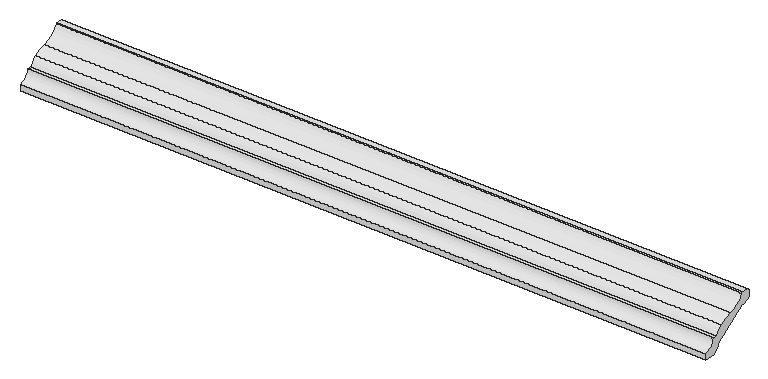
Revit family "13-MOULDING-CADS-138-PCB5CROWN-4-REVIT_Versatex-Generic-Model-5in-CROWN-MOULDING", category Generic Models, host Face, Revit 2026
Family settings
  Host = Face
  Can host rebar = No
  Round Connector Dimension = Use Diameter
  Part Type = Normal
  Cut with Voids When Loaded = No
  Maintain Annotation Orientation = No
  Shared = No
  Room Calculation Point = No
Parameters
  Model = "PCB5\"CROWN"
  Length = 4' - 0"
  Warranty = "https://versatex.com/warranty/"
  URL = "https://versatex.com/"
  Specification = "https://www.arcat.com/company/versatex-45716/spec?coid=45716"
  Sales Information = "https://versatex.com/dealer-locator/"
  Message Manufacturer = "https://versatex.com/contact/"
  Material = Versatex PVC - Smooth
  Manufacturer Website = "https://versatex.com/"
  Manufacturer Phone = "724-857-1111"
  Manufacturer Fax = "724-857-1171"
  Manufacturer Address = "400 Steel Street, Aliquippa, PA 15001"
  Manufacturer = "Versatex"
  Literature = "https://versatex.com/literature/?_sft_literature_category=cads"
  Description = "5\" CROWN MOULDING"
  Default Elevation = 4' - 0"
  Copyright = "© 2024 VERSATEX Building Products, LLC"
Reference planes (in)
  plane 1 "Center (Front/Back)": y = 0
  plane 2: z = 0
  plane 3 "Center (Left/Right)": x = 0
  plane 4: x = 24
  plane 5: x = -24
Forms (in)
  Sweep 1, solid, material "Versatex PVC - Smooth" <- "Material"
    path origin (0, 0, 0) x (1, 0, 0) y (0, 1, 0)
      loop
        line (-24, 0) -> (24, 0)
    profile "Versatex_Profile_5” CROWN MOULDING : Versatex_Profile_5” CROWN MOULDING" origin (0, 0, 0) x (0, 1, 0) y (0, 0, 1)
      loop
        arc (0.6397, 1.06329) -> (0.43787, 0.61422) -> (0, 0.38912) r 0.74493
        line (0, 0.38912) -> (0, 0) -> (0.63739, 0) -> (1.03462, 0.33821) -> (1.05647, 0.52073) -> (3.09731, 2.07416) -> (3.2799, 2.04684) -> (3.68806, 2.3125) -> (3.68806, 2.78448) -> (3.65185, 2.83287) -> (3.17913, 2.83287)
        arc (3.17913, 2.83287) -> (3.16413, 2.82885) -> (3.15315, 2.81787) r 0.03
        arc (3.15315, 2.81787) -> (2.74017, 2.28101) -> (2.14087, 1.96539) r 1.58609
        arc (2.14087, 1.96539) -> (1.74257, 1.81152) -> (1.36915, 1.60446) r 3.10428
        arc (1.36915, 1.60446) -> (1.12562, 1.36191) -> (0.94203, 1.07134) r 1.5382
        line (0.94203, 1.07134) -> (0.67436, 1.08292)
        arc (0.67436, 1.08292) -> (0.6533, 1.07969) -> (0.6397, 1.06329) r 0.03
Dimensions and locks (in)
  "Length": plane 5 to plane 4
  equal spacing: plane 5, plane 3 "Center (Left/Right)", plane 4, locked at 24 each
  aligned and locked: plane 2 to host face
  aligned and locked: level to host face
Automatic sketch dimensions
  host sketch curve to host sketch curve = 8' - 0"  (x2)
  plane 1 "Center (Front/Back)" to Sweep 1 sketch curve = 0' - 0"
  Sweep 1 sketch curve to plane 5 = 0' - 0"
  Sweep 1 sketch curve to plane 4 = 0' - 0"
